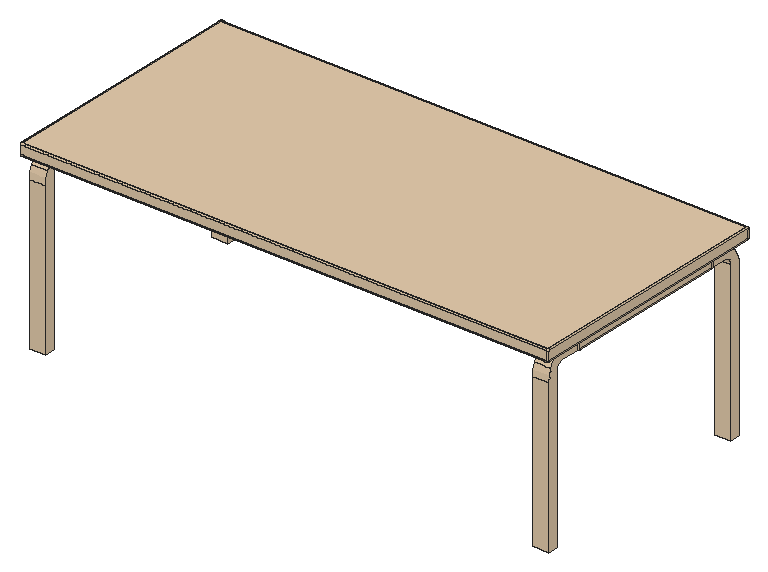
Revit family "Artek_Tables_Aalto Table rectangular_Aalto Table rectangular 86", category Furniture, Revit 2017
Family settings
  OmniClass Number = 23.40.20.14.17.11
  OmniClass Title = Dining Room Tables
  Work Plane-Based = No
  Always vertical = Yes
  Cut with Voids When Loaded = No
  Shared = No
  Room Calculation Point = No
Parameters (values of type "Aalto Table rectangular 86 Birch")
  WarrantyStartDate [instance] = "n/a"
  WarrantyGuarantorParts = "n/a"
  WarrantyGuarantorLabor = "n/a"
  WarrantyDurationUnit = "n/a"
  WarrantyDurationParts = "n/a"
  WarrantyDurationLabor = "n/a"
  WarrantyDescription = "n/a"
  VersionDate = "03/11/2020"  # constant formula
  Version = "1"  # constant formula
  Uniclass2015Reference = "Pr_40_50_21_22"
  Uniclass2015Description = "Dining tables"
  Uniclass2 = "Pr_40_50_21_21"
  URL = "https://www.artek.fi/en/products/aalto-table-rectangular"
  Type Comments = ""
  TagNumber [instance] = "n/a"
  TableSecondaryMaterial = Natural Birch
  TableMainMaterial = Natural Birch
  SustainabilityPerformance = "n/a"
  Style = "n/a"
  Size = "2100x740x1000 mm"  # constant formula
  Shape = "Sculptured"
  SerialNumber [instance] = "n/a"
  Revision = "n/a"
  ReplacementCost = "n/a"
  ProductInformation = "n/a"
  NominalLength = 2100 mm
  NominalHeight = 740 mm
  NominalDepth = 1000 mm
  Name = "Aalto Table rectangular 86\r\n"  # constant formula
  NBSReference = "45-35-86/327"
  NBSDescription = "Tables"
  ModelReference = "n/a"
  ModelNumber = "28300881"
  Material = "Wood"
  ManufacturerURL = "https://www.artek.fi/"
  ManufacturerName = "Artek"
  Model = "Aalto Table rectangular 86 Birch"
  Manufacturer = "Artek"
  MainColor = "Natural birch"
  InstallationDate [instance] = "n/a"
  IfcExportType = "TABLE"  # constant formula
  IfcExportAs = "IfcFurnishingElementType"  # constant formula
  Grade = "n/a"
  Finish = "n/a"
  Features = "n/a"
  ExpectedLife = "n/a"
  DurationUnit = "n/a"
  Designer = "Alvar Aalto"
  Cost = 0
  ConvergoRefNr = "0190-2009-0015-FI\t\t\r\n"  # constant formula
  Constituents = "n/a"
  Color = MainColor  # "Natural birch"
  CodePerformance = "n/a"
  Barcode [instance] = "n/a"
  AssetIdentifier [instance] = "n/a"
  Category = "Tables"
  Brand = "Artek"
  BIMObjectName = "Artek_Tables_Aalto Table rectangular_Aalto Table rectangular 86\r\n"  # constant formula
  Author = "Convergo AB"  # constant formula
  AssetType = "Movable"
  AccessibilityPerformance = "n/a"
Types (6, lengths in mm): name | TableSecondaryMaterial | TableMainMaterial | ModelNumber | Model | MainColor | Color
  (no name) | Natural Birch | Natural Birch | "28300881" | "Aalto Table rectangular 86 Birch" | "Natural birch" | "Natural birch"
  Aalto Table rectangular 86 Birch | Natural Birch | Natural Birch | "28300881" | "Aalto Table rectangular 86 Birch" | "Natural birch" | "Natural birch"
  Aalto Table rectangular 86 White laminate | Natural Birch | White Laminate | "28300882" | "Aalto Table rectangular 86 White laminate" | "Natural birch" | "Natural birch"
  Aalto Table rectangular 86 Black linoleum | Natural Birch | Black Linoleum | "28300883" | "Aalto Table rectangular 86 Black linoleum" | "Natural birch" | "Natural birch"
  Aalto Table rectangular 86 Linoleum black leg black | Black Linoleum | Black Linoleum | "28300884" | "Aalto Table rectangular 86 Linoleum black leg black" | "Black" | "Black"
  Aalto Table rectangular 86 White HPL leg white | White Laminate | White Laminate | "28300885" | "Aalto Table rectangular 86 White HPL leg white" | "White" | "White"
Reference planes
  plane 1 "Center (Front/Back)": y = 0
  plane 2: z = 0
  plane 3 "Center (Left/Right)": x = 0
  plane 4: x = -1050
  plane 5: x = 1050
  plane 6: y = -500
  plane 7: y = 500
  plane 8: z = 740
Dimensions and locks
  equal spacing: plane 4, plane 3 "Center (Left/Right)", plane 5
  "NominalLength": plane 4 to plane 5
  equal spacing: plane 7, plane 1 "Center (Front/Back)", plane 6
  "NominalDepth": plane 7 to plane 6
  "NominalHeight": plane 8 to level
  aligned and locked: level to plane 2
  aligned and locked: plane 3 "Center (Left/Right)" to nested 1
  aligned and locked: plane 1 "Center (Front/Back)" to nested 1
Nested families
  nested 1: "86" at (0, 0, 0), Material 1 <- "TableMainMaterial", Material 2 <- "TableSecondaryMaterial", type "86"
    with Material 2 Natural Birch, Material 1 Natural Birch
Definition of nested family "86"
  Parameters (values of type "86")
    Material 2 [instance] = none
    Material 1 [instance] = none
  Reference planes
    plane 1 "Center (Front/Back)": y = 0
    plane 2: z = 0
    plane 3 "Center (Left/Right)": x = 0
    plane 4: x = -1050
    plane 5: x = 1050
    plane 6: z = 740
    plane 7: z = 693
    plane 8: y = 500
    plane 9: y = -500
  Forms (mm)
    Extrusion 1, solid, material <- "Material 2", detail levels medium+fine
      sketch origin (0, 0, 0) x (1, 0, 0) y (0, 1, 0)
        loop
          arc (-1044, 500) -> (-1048.243, 498.243) -> (-1050, 494) r 6
          line (-1050, 494) -> (-1050, -494)
          arc (-1050, -494) -> (-1048.243, -498.243) -> (-1044, -500) r 6
          line (-1044, -500) -> (1044, -500)
          arc (1044, -500) -> (1048.243, -498.243) -> (1050, -494) r 6
          line (1050, -494) -> (1050, 494)
          arc (1050, 494) -> (1048.243, 498.243) -> (1044, 500) r 6
          line (1044, 500) -> (-1044, 500)
        loop
          line (-1044, 494) -> (-1044, -494) -> (1044, -494) -> (1044, 494) -> (-1044, 494)
      from 693 to 740
    Extrusion 2, solid, material <- "Material 1", detail levels coarse
      sketch origin (0, 0, 0) x (1, 0, 0) y (0, 1, 0)
        loop
          line (-1050, 500) -> (-1050, -500) -> (1050, -500) -> (1050, 500) -> (-1050, 500)
      from 0 to 740
    Sweep 3, void
      path in 3D
        loop
          arc (-1044, 500, 740) -> (-1048.243, 498.243, 740) -> (-1050, 494, 740) r 6
          line (-1050, 494, 740) -> (-1050, -494, 740)
          arc (-1050, -494, 740) -> (-1048.243, -498.243, 740) -> (-1044, -500, 740) r 6
          line (-1044, -500, 740) -> (1044, -500, 740)
          arc (1044, -500, 740) -> (1048.243, -498.243, 740) -> (1050, -494, 740) r 6
          line (1050, -494, 740) -> (1050, 494, 740)
          arc (1050, 494, 740) -> (1048.243, 498.243, 740) -> (1044, 500, 740) r 6
          line (1044, 500, 740) -> (-1044, 500, 740)
      profile origin (0, 500, 740) x (0, -1, 0) y (0, 0, 1)
        loop
          line (0, 0) -> (0, -5)
          arc (0, -5) -> (1.464, -1.464) -> (5, 0) r 5
          line (5, 0) -> (0, 0)
        loop
          line (0, -47) -> (5, -47)
          arc (5, -47) -> (1.464, -45.536) -> (0, -42) r 5
          line (0, -42) -> (0, -47)
    Extrusion 4, solid, material <- "Material 2", detail levels medium+fine
      sketch origin (-994.5, 142, 0) x (0, 1, 0) y (0, 0, 1)
        loop
          line (183.1, 693) -> (183.1, 658) -> (261, 658)
          arc (261, 658) -> (282.213, 649.213) -> (291, 628) r 30
          line (291, 628) -> (291, 0) -> (330, 0) -> (330, 603.2)
          arc (330, 603.2) -> (327.859, 627.672) -> (321.5, 651.4) r 140.911
          arc (321.5, 651.4) -> (301.996, 679.039) -> (271.183, 693) r 64.479
          line (271.183, 693) -> (183.1, 693)
      from -37.5 to 26.5
    Extrusion 5, solid, material <- "Material 2", detail levels medium+fine
      sketch origin (0, 0, 0) x (1, 0, 0) y (0, 1, 0)
        loop
          line (1008, -334) -> (1034.5, -334)
          arc (1034.5, -334) -> (1038.389, -332.389) -> (1040, -328.5) r 5.5
          line (1040, -328.5) -> (1040, 328.5)
          arc (1040, 328.5) -> (1038.389, 332.389) -> (1034.5, 334) r 5.5
          line (1034.5, 334) -> (1008, 334) -> (1008, -334)
        loop
          line (-1008, -334) -> (-1008, 334.001) -> (-1034.5, 334.001)
          arc (-1034.5, 334.001) -> (-1038.389, 332.39) -> (-1040, 328.501) r 5.5
          line (-1040, 328.501) -> (-1040, -328.5)
          arc (-1040, -328.5) -> (-1038.389, -332.389) -> (-1034.5, -334) r 5.5
          line (-1034.5, -334) -> (-1008, -334)
      from 661 to 693
    Sweep 6, void
      path in 3D
        loop
          line (1008, 334, 661) -> (1034.5, 334, 661)
          arc (1034.5, 334, 661) -> (1038.389, 332.389, 661) -> (1040, 328.5, 661) r 5.5
          line (1040, 328.5, 661) -> (1040, -328.5, 661)
          arc (1040, -328.5, 661) -> (1038.389, -332.389, 661) -> (1034.5, -334, 661) r 5.5
          line (1034.5, -334, 661) -> (1008, -334, 661)
      profile origin (1040, 0, 661) x (-1, 0, 0) y (0, 0, -1)
        loop
          line (0, 0) -> (0, -2)
          arc (0, -2) -> (0.586, -0.586) -> (2, 0) r 2
          line (2, 0) -> (0, 0)
    Sweep 7, void
      path in 3D
        loop
          line (-1008, -334, 661) -> (-1034.5, -334, 661)
          arc (-1034.5, -334, 661) -> (-1038.389, -332.389, 661) -> (-1040, -328.5, 661) r 5.5
          line (-1040, -328.5, 661) -> (-1040, 328.501, 661)
          arc (-1040, 328.501, 661) -> (-1038.389, 332.39, 661) -> (-1034.5, 334.001, 661) r 5.5
          line (-1034.5, 334.001, 661) -> (-1008, 334.001, 661)
      profile origin (-1040, 0.001, 661) x (1, 0, 0) y (0, 0, -1)
        loop
          line (0, 0) -> (0, -2)
          arc (0, -2) -> (0.586, -0.586) -> (2, 0) r 2
          line (2, 0) -> (0, 0)
    Extrusion 8, solid, material <- "Material 2", detail levels medium+fine
      sketch origin (0, 0, 0) x (1, 0, 0) y (0, 1, 0)
        loop
          line (-1044, -494) -> (1044, -494) -> (1044, 494) -> (-1044, 494) -> (-1044, -494)
      from 693 to 740
    Extrusion 9, solid, material <- "Material 2", detail levels medium+fine
      sketch origin (-994.5, -142, 0) x (0, -1, 0) y (0, 0, -1)
        loop
          line (183.1, -693) -> (271.183, -693)
          arc (271.183, -693) -> (301.996, -679.039) -> (321.5, -651.4) r 64.479
          arc (321.5, -651.4) -> (327.859, -627.672) -> (330, -603.2) r 140.911
          line (330, -603.2) -> (330, 0) -> (291, 0) -> (291, -628)
          arc (291, -628) -> (282.213, -649.213) -> (261, -658) r 30
          line (261, -658) -> (183.1, -658) -> (183.1, -693)
      from -37.5 to 26.5
    Extrusion 10, solid, material <- "Material 2", detail levels medium+fine
      sketch origin (994.5, 142, 0) x (0, 1, 0) y (0, 0, -1)
        loop
          line (183.1, -693) -> (271.183, -693)
          arc (271.183, -693) -> (301.996, -679.039) -> (321.5, -651.4) r 64.479
          arc (321.5, -651.4) -> (327.859, -627.672) -> (330, -603.2) r 140.911
          line (330, -603.2) -> (330, 0) -> (291, 0) -> (291, -628)
          arc (291, -628) -> (282.213, -649.213) -> (261, -658) r 30
          line (261, -658) -> (183.1, -658) -> (183.1, -693)
      from -37.5 to 26.5
    Extrusion 11, solid, material <- "Material 2", detail levels medium+fine
      sketch origin (994.5, -142, 0) x (0, -1, 0) y (0, 0, 1)
        loop
          line (183.1, 693) -> (183.1, 658) -> (261, 658)
          arc (261, 658) -> (282.213, 649.213) -> (291, 628) r 30
          line (291, 628) -> (291, 0) -> (330, 0) -> (330, 603.2)
          arc (330, 603.2) -> (327.859, 627.672) -> (321.5, 651.4) r 140.911
          arc (321.5, 651.4) -> (301.996, 679.039) -> (271.183, 693) r 64.479
          line (271.183, 693) -> (183.1, 693)
      from -37.5 to 26.5
  Cuts and joins
    Sweep 6, Sweep 7 cuts Extrusion 5
    Sweep 3 cuts Extrusion 1
  Lines and regions (mm)
    symbolic lines, detail levels medium+fine
      curve 1: line (0, 500, 0) -> (-1045, 500, 0)
      curve 2: line (-1050, 495, 0) -> (-1050, -495, 0)
      curve 3: line (-1045, -500, 0) -> (0, -500, 0)
      curve 4: arc (-1045, 500, 0) -> (-1048.535, 498.536, 0) -> (-1050, 495, 0) r 5
      curve 5: arc (-1050, -495, 0) -> (-1048.535, -498.536, 0) -> (-1045, -500, 0) r 5
      curve 6: line (0, 500, 0) -> (1045, 500, 0)
      curve 7: line (1050, 495, 0) -> (1050, -495, 0)
      curve 8: line (1045, -500, 0) -> (0, -500, 0)
      curve 9: arc (1045, 500, 0) -> (1048.536, 498.536, 0) -> (1050, 495, 0) r 5
      curve 10: arc (1050, -495, 0) -> (1048.536, -498.536, 0) -> (1045, -500, 0) r 5
      curve 11: line (0, 0, 740) -> (-1045, 0, 740)
      curve 12: line (-1050, 0, 735) -> (-1050, 0, 698)
      curve 13: line (-1045, 0, 693) -> (-1040, 0, 693)
      curve 14: line (-968, 0, 693) -> (-968, 0, 0)
      curve 15: line (-968, 0, 0) -> (-1032, 0, 0)
      curve 16: line (-1032, 0, 0) -> (-1032, 0, 661)
      curve 17: line (-1032, 0, 661) -> (-1038, 0, 661)
      curve 21: line (-968, 0, 693) -> (0, 0, 693)
      curve 22: line (0, -495, 740) -> (0, 495, 740)
      curve 23: line (0, 500, 735) -> (0, 500, 698)
      curve 24: line (0, 495, 693) -> (0, 413.183, 693)
      curve 33: arc (0, 495, 740) -> (0, 498.536, 738.536) -> (0, 500, 735) r 5
      curve 34: arc (0, 500, 698) -> (0, 498.536, 694.464) -> (0, 495, 693) r 5
      curve 35: arc (-1045, 0, 740) -> (-1048.535, 0, 738.536) -> (-1050, 0, 735) r 5
      curve 36: arc (-1050, 0, 698) -> (-1048.535, 0, 694.464) -> (-1045, 0, 693) r 5
      curve 37: line (0, 472, 603.2) -> (0, 472, 0)
      curve 38: line (0, 472, 0) -> (0, 433, 0)
      curve 39: line (0, 433, 0) -> (0, 433, 628)
      curve 40: line (0, 403, 658) -> (0, 325.1, 658)
      curve 41: line (0, 325.1, 658) -> (0, 325.1, 661)
      curve 45: line (0, -325.1, 661) -> (0, 325.1, 661)
      curve 46: line (-1040, 0, 663) -> (-1040, 0, 693)
      curve 47: arc (-1038, 0, 661) -> (-1039.414, 0, 661.586) -> (-1040, 0, 663) r 2
      curve 54: line (0, 0, 740) -> (1045, 0, 740)
      curve 55: line (968, 0, 693) -> (0, 0, 693)
      curve 61: line (1050, 0, 735) -> (1050, 0, 698)
      curve 62: line (1045, 0, 693) -> (1040, 0, 693)
      curve 63: line (968, 0, 693) -> (968, 0, 0)
      curve 64: line (968, 0, 0) -> (1032, 0, 0)
      curve 65: line (1032, 0, 0) -> (1032, 0, 661)
      curve 66: line (1032, 0, 661) -> (1038, 0, 661)
      curve 70: arc (1045, 0, 740) -> (1048.536, 0, 738.536) -> (1050, 0, 735) r 5
      curve 71: arc (1050, 0, 698) -> (1048.536, 0, 694.464) -> (1045, 0, 693) r 5
      curve 72: line (1040, 0, 663) -> (1040, 0, 693)
      curve 73: arc (1038, 0, 661) -> (1039.414, 0, 661.586) -> (1040, 0, 663) r 2
      curve 74: arc (0, 463.5, 651.4) -> (0, 469.859, 627.672) -> (0, 472, 603.2) r 140.911
      curve 75: arc (0, 413.183, 693) -> (0, 443.996, 679.039) -> (0, 463.5, 651.4) r 64.479
      curve 76: arc (0, 433, 628) -> (0, 424.213, 649.213) -> (0, 403, 658) r 30
      curve 77: line (0, -500, 735) -> (0, -500, 698)
      curve 78: line (0, -495, 693) -> (0, -413.183, 693)
      curve 79: arc (0, -495, 740) -> (0, -498.536, 738.536) -> (0, -500, 735) r 5
      curve 80: arc (0, -500, 698) -> (0, -498.536, 694.464) -> (0, -495, 693) r 5
      curve 81: line (0, -472, 603.2) -> (0, -472, 0)
      curve 82: line (0, -472, 0) -> (0, -433, 0)
      curve 83: line (0, -433, 0) -> (0, -433, 628)
      curve 84: line (0, -403, 658) -> (0, -325.1, 658)
      curve 85: line (0, -325.1, 658) -> (0, -325.1, 661)
      curve 89: arc (0, -463.5, 651.4) -> (0, -469.859, 627.672) -> (0, -472, 603.2) r 140.911
      curve 90: arc (0, -413.183, 693) -> (0, -443.996, 679.039) -> (0, -463.5, 651.4) r 64.479
      curve 91: arc (0, -433, 628) -> (0, -424.213, 649.213) -> (0, -403, 658) r 30
    symbolic lines, detail levels fine
      curve 18: line (-1032, 0, 661) -> (-1032, 0, 693)
      curve 19: line (-1040, 0, 693) -> (-1032, 0, 693)
      curve 20: line (-1032, 0, 693) -> (-968, 0, 693)
      curve 42: line (0, -413.183, 693) -> (0, 413.183, 693)
      curve 43: line (0, 334.001, 663) -> (0, 334.001, 693)
      curve 44: line (0, 325.1, 661) -> (0, 332.001, 661)
      curve 53: arc (0, 334.001, 663) -> (0, 333.415, 661.586) -> (0, 332.001, 661) r 2
      curve 67: line (1032, 0, 661) -> (1032, 0, 693)
      curve 68: line (1040, 0, 693) -> (1032, 0, 693)
      curve 69: line (1032, 0, 693) -> (968, 0, 693)
      curve 86: line (0, -334, 663) -> (0, -334, 693)
      curve 87: line (0, -325.1, 661) -> (0, -332, 661)
      curve 88: arc (0, -334, 663) -> (0, -333.414, 661.586) -> (0, -332, 661) r 2
    sketch lines
      curve 25: line (1044, 500, 740) -> (-1044, 500, 740)
      curve 26: arc (-1050, 494, 740) -> (-1048.243, 498.243, 740) -> (-1044, 500, 740) r 6
      curve 27: line (-1050, 494, 740) -> (-1050, -494, 740)
      curve 28: arc (-1044, -500, 740) -> (-1048.243, -498.243, 740) -> (-1050, -494, 740) r 6
      curve 29: line (-1044, -500, 740) -> (1044, -500, 740)
      curve 30: arc (1044, 500, 740) -> (1048.243, 498.243, 740) -> (1050, 494, 740) r 6
      curve 31: line (1050, -494, 740) -> (1050, 494, 740)
      curve 32: arc (1050, -494, 740) -> (1048.243, -498.243, 740) -> (1044, -500, 740) r 6
      curve 48: line (1040, 328.5, 661) -> (1040, -328.5, 661)
      curve 49: arc (1040, 328.5, 661) -> (1038.389, 332.389, 661) -> (1034.5, 334, 661) r 5.5
      curve 50: line (1008, 334, 661) -> (1034.5, 334, 661)
      curve 51: arc (1034.5, -334, 661) -> (1038.389, -332.389, 661) -> (1040, -328.5, 661) r 5.5
      curve 52: line (1034.5, -334, 661) -> (1008, -334, 661)
      curve 56: line (-1040, -328.5, 661) -> (-1040, 328.501, 661)
      curve 57: arc (-1034.5, 334.001, 661) -> (-1038.389, 332.39, 661) -> (-1040, 328.501, 661) r 5.5
      curve 58: line (-1034.5, 334.001, 661) -> (-1008, 334.001, 661)
      curve 59: arc (-1040, -328.5, 661) -> (-1038.389, -332.389, 661) -> (-1034.5, -334, 661) r 5.5
      curve 60: line (-1008, -334, 661) -> (-1034.5, -334, 661)
  Dimensions and locks
    plane 6 to level = 740 mm
    aligned and locked: level to plane 2
